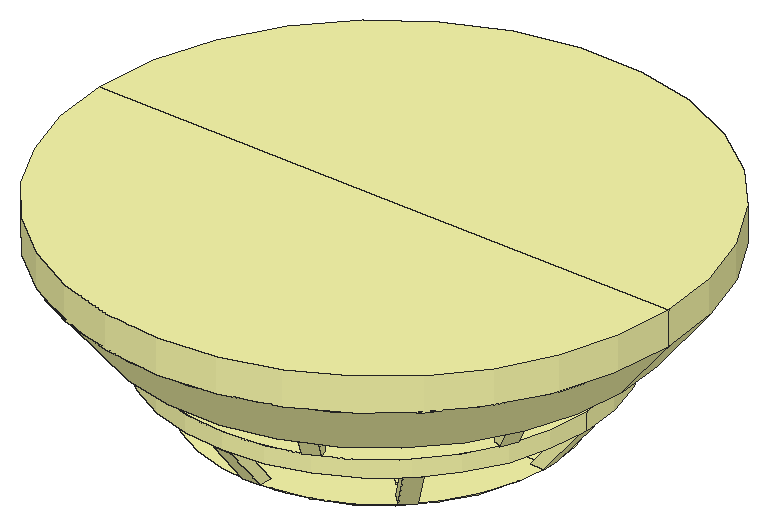
Revit family "FA_Combination Smoke & Heat Detector", category Fire Alarm Devices, Revit 2013
Reference planes
  plane 1 "Center (Front/Back)": y = 0
  plane 2: z = 0
  plane 3 "Center (Left/Right)": x = 0
  plane 4 "Bot": z = -35
  plane 5 "Mid": z = -25
Forms (mm)
  Revolve 1, solid, material "Face Plate"
    sketch origin (0, 0, 0) x (-1, 0, 0) y (0, 0, -1)
      loop
        line (-52, 0) -> (0, 0) -> (0, 16.323) -> (-43.664, 16.323) -> (-52, 6) -> (-52, 0)
      axis (0, 0) -> (0, 16.323)
    angle from 0 to 360
  Revolve 2, solid, material "Face Plate"
    sketch origin (0, 0, 11) x (1, 0, 0) y (0, 0, 1)
      loop
        arc (19.647, -44.075) -> (25.02, -46.008) -> (30.393, -44.075) r 8.435
        line (30.393, -44.075) -> (19.647, -44.075)
      axis (0, -44.075) -> (0, -45.075)
    angle from 0 to 360
  Extrusion 3, solid, material "Face Plate"
    sketch origin (0, 0, -35) x (-1, 0, 0) y (0, -1, 0)
      loop
        circle (0, 0) r 7
      loop
        circle (0, 0) r 5
    from 0 to 2
  Extrusion 4, solid, material "Face Plate"
    sketch origin (0, 0, -35) x (-1, 0, 0) y (0, -1, 0)
      loop
        line (-6.928, -1) -> (-6.928, 1) -> (-24.218, 1) -> (-24.218, -1) -> (-6.928, -1)
    from 0 to 2
  Extrusion 5, solid, material "Face Plate"
    sketch origin (0, 0, -35) x (-0.707107, 0.707107, 0) y (-0.707107, -0.707107, 0)
      loop
        line (-6.928, -1) -> (-6.928, 1) -> (-24.218, 1) -> (-24.218, -1) -> (-6.928, -1)
    from 0 to 2
  Extrusion 6, solid, material "Face Plate"
    sketch origin (0, 0, -35) x (-0.707107, -0.707107, 0) y (0.707107, -0.707107, 0)
      loop
        line (-6.928, -1) -> (-6.928, 1) -> (-24.218, 1) -> (-24.218, -1) -> (-6.928, -1)
    from 0 to 2
  Extrusion 7, solid, material "Face Plate"
    sketch origin (0, 0, -35) x (0, -1, 0) y (1, 0, 0)
      loop
        line (-6.928, -1) -> (-6.928, 1) -> (-24.218, 1) -> (-24.218, -1) -> (-6.928, -1)
    from 0 to 2
  Extrusion 8, solid, material "Face Plate"
    sketch origin (0, 0, -35) x (0.707107, -0.707107, 0) y (0.707107, 0.707107, 0)
      loop
        line (-6.928, -1) -> (-6.928, 1) -> (-24.218, 1) -> (-24.218, -1) -> (-6.928, -1)
    from 0 to 2
  Extrusion 9, solid, material "Face Plate"
    sketch origin (0, 0, -35) x (1, 0, 0) y (0, 1, 0)
      loop
        line (-6.928, -1) -> (-6.928, 1) -> (-24.218, 1) -> (-24.218, -1) -> (-6.928, -1)
    from 0 to 2
  Extrusion 10, solid, material "Face Plate"
    sketch origin (0, 0, -35) x (0.707107, 0.707107, 0) y (-0.707107, 0.707107, 0)
      loop
        line (-6.928, -1) -> (-6.928, 1) -> (-24.218, 1) -> (-24.218, -1) -> (-6.928, -1)
    from 0 to 2
  Extrusion 11, solid, material "Face Plate"
    sketch origin (0, 0, -35) x (0, 1, 0) y (-1, 0, 0)
      loop
        line (-6.928, -1) -> (-6.928, 1) -> (-24.218, 1) -> (-24.218, -1) -> (-6.928, -1)
    from 0 to 2
  Extrusion 12, solid, material "Red Glass"
    sketch origin (0, 0, -35) x (-1, 0, 0) y (0, -1, 0)
      loop
        circle (0, 0) r 5
    from -1 to 2
  Extrusion 13, solid, material "Face Plate"
    sketch origin (0, 0, -25) x (-1, 0, 0) y (0, -1, 0)
      loop
        circle (0, 0) r 37
    from 0 to 3
  Extrusion 14, solid, material "Face Plate"
    sketch origin (0, 0, 0) x (0.92388, -0.382683, 0) y (0, 0, 1)
      loop
        line (-37, -22) -> (-35.547, -22) -> (-35.547, -16.323) -> (-40.547, -16.323) -> (-37, -22)
    from -1.5 to 1.5
  Extrusion 15, solid, material "Face Plate"
    sketch origin (0, 0, 0) x (0.382683, -0.92388, 0) y (0, 0, 1)
      loop
        line (-37, -22) -> (-35.547, -22) -> (-35.547, -16.323) -> (-40.547, -16.323) -> (-37, -22)
    from -1.5 to 1.5
  Extrusion 16, solid, material "Face Plate"
    sketch origin (0, 0, 0) x (0.92388, 0.382683, 0) y (0, 0, 1)
      loop
        line (-37, -22) -> (-35.547, -22) -> (-35.547, -16.323) -> (-40.547, -16.323) -> (-37, -22)
    from -1.5 to 1.5
  Extrusion 17, solid, material "Face Plate"
    sketch origin (0, 0, 0) x (0.382683, 0.92388, 0) y (0, 0, 1)
      loop
        line (-37, -22) -> (-35.547, -22) -> (-35.547, -16.323) -> (-40.547, -16.323) -> (-37, -22)
    from -1.5 to 1.5
  Extrusion 18, solid, material "Face Plate"
    sketch origin (0, 0, 0) x (-0.382683, 0.92388, 0) y (0, 0, 1)
      loop
        line (-37, -22) -> (-35.547, -22) -> (-35.547, -16.323) -> (-40.547, -16.323) -> (-37, -22)
    from -1.5 to 1.5
  Extrusion 19, solid, material "Face Plate"
    sketch origin (0, 0, 0) x (-0.92388, 0.382683, 0) y (0, 0, 1)
      loop
        line (-37, -22) -> (-35.547, -22) -> (-35.547, -16.323) -> (-40.547, -16.323) -> (-37, -22)
    from -1.5 to 1.5
  Extrusion 20, solid, material "Face Plate"
    sketch origin (0, 0, 0) x (-0.92388, -0.382683, 0) y (0, 0, 1)
      loop
        line (-37, -22) -> (-35.547, -22) -> (-35.547, -16.323) -> (-40.547, -16.323) -> (-37, -22)
    from -1.5 to 1.5
  Extrusion 21, solid, material "Face Plate"
    sketch origin (0, 0, 0) x (-0.382683, -0.92388, 0) y (0, 0, 1)
      loop
        line (-37, -22) -> (-35.547, -22) -> (-35.547, -16.323) -> (-40.547, -16.323) -> (-37, -22)
    from -1.5 to 1.5
  Extrusion 22, solid, material "Face Plate"
    sketch origin (0, 0, 0) x (1, 0, 0) y (0, 0, 1)
      loop
        line (-30.393, -33.075) -> (-27.893, -33.075) -> (-34.5, -25) -> (-37, -25) -> (-30.393, -33.075)
    from -1.5 to 1.5
  Extrusion 23, solid, material "Face Plate"
    sketch origin (0, 0, 0) x (0.707107, -0.707107, 0) y (0, 0, 1)
      loop
        line (-30.393, -33.075) -> (-27.893, -33.075) -> (-34.5, -25) -> (-37, -25) -> (-30.393, -33.075)
    from -1.5 to 1.5
  Extrusion 24, solid, material "Face Plate"
    sketch origin (0, 0, 0) x (0.707107, 0.707107, 0) y (0, 0, 1)
      loop
        line (-30.393, -33.075) -> (-27.893, -33.075) -> (-34.5, -25) -> (-37, -25) -> (-30.393, -33.075)
    from -1.5 to 1.5
  Extrusion 25, solid, material "Face Plate"
    sketch origin (0, 0, 0) x (0, 1, 0) y (0, 0, 1)
      loop
        line (-30.393, -33.075) -> (-27.893, -33.075) -> (-34.5, -25) -> (-37, -25) -> (-30.393, -33.075)
    from -1.5 to 1.5
  Extrusion 26, solid, material "Face Plate"
    sketch origin (0, 0, 0) x (-0.707107, 0.707107, 0) y (0, 0, 1)
      loop
        line (-30.393, -33.075) -> (-27.893, -33.075) -> (-34.5, -25) -> (-37, -25) -> (-30.393, -33.075)
    from -1.5 to 1.5
  Extrusion 27, solid, material "Face Plate"
    sketch origin (0, 0, 0) x (-1, 0, 0) y (0, 0, 1)
      loop
        line (-30.393, -33.075) -> (-27.893, -33.075) -> (-34.5, -25) -> (-37, -25) -> (-30.393, -33.075)
    from -1.5 to 1.5
  Extrusion 28, solid, material "Face Plate"
    sketch origin (0, 0, 0) x (-0.707107, -0.707107, 0) y (0, 0, 1)
      loop
        line (-30.393, -33.075) -> (-27.893, -33.075) -> (-34.5, -25) -> (-37, -25) -> (-30.393, -33.075)
    from -1.5 to 1.5
  Extrusion 29, solid, material "Face Plate"
    sketch origin (0, 0, 0) x (0, -1, 0) y (0, 0, 1)
      loop
        line (-30.393, -33.075) -> (-27.893, -33.075) -> (-34.5, -25) -> (-37, -25) -> (-30.393, -33.075)
    from -1.5 to 1.5
Cuts and joins
  joined: Extrusion 3, Extrusion 7, Extrusion 8
  joined: Extrusion 9, Extrusion 10
  joined: Extrusion 5, Extrusion 11
  joined: Extrusion 4, Extrusion 6
Nested families
  nested 1: "FA_SHD" at (0, 0, 0), type "FA_SHD"
Definition of nested family "FA_SHD"
  Reference planes
    plane 1: y = 0
    plane 2: x = 0
  Lines and regions (mm)
    detail lines, style "Fire Alarm Symbols"
      curve 1: circle (0, 0, 0) r 1.5 normal (0, 0, 1)
  Text (mm)
    text "S" at (0.012, 1.567, 0)
    text "H" at (2.494, 3.135, 0)
